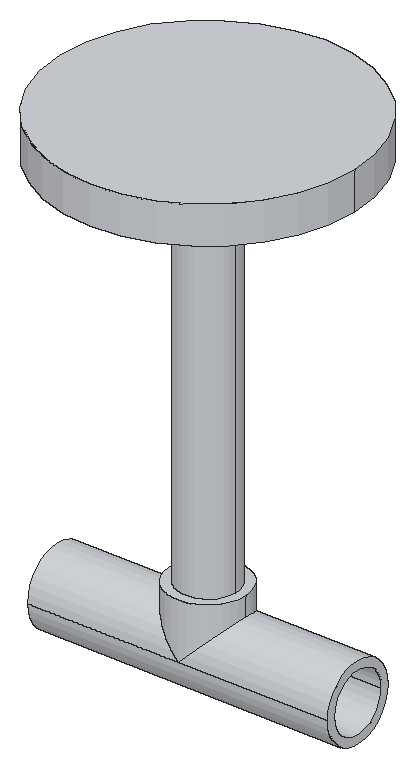
Revit family "M_Válvula de esfera - 10-50 mm - Rosqueada", category Acessórios do tubo, Revit 2019
Family settings
  Cota do conector redondo = Usar raio
  Tipo de parte = Válvula - Quebra entre
  Número OmniClass = 23.65.55.14.17
  Título OmniClass = Adjusting/Controlling Valves for Liquid Services
  ID de item do Seek = Globe Valve - 10-50 mm - Threaded-0000-CAN-ENU
  Com base no plano de trabalho = Não
  Sempre na vertical = Sim
  Corte com vazios quando carregada = Não
  Compartilhado = Não
Parameters (values of type "10 mm")
  Material da válvula = none
  Raio do tronco = 4.8 mm
  Diâmetro do tronco = Raio do tronco * 2  # 9.6 mm
  Raio da tubulação = 6.4 mm
  Comprimento da tubulação = 51 mm
  Diâmetro da tubulação = Raio da tubulação * 2  # 12.8 mm
  Altura total = 81 mm
  Raio nominal = 5 mm
  Diâmetro nominal = Raio nominal * 2  # 10 mm
  K Coefficient = 20
  Espessura da manivela = 6.4 mm
  Raio da manivela = 25 mm
  Material da manivela = none
  Diâmetro da manivela = Raio da manivela * 2  # 50 mm
  Comprimento de meia tubulação = Comprimento da tubulação * 0.5  # 25.5 mm
  Raio da chapeleta = 6.4 mm
  Altura da chapeleta = 9.5 mm
  Diâmetro da chapeleta = Raio da chapeleta * 2  # 12.8 mm
Types (8, lengths in mm): name | Raio do tronco | Diâmetro do tronco | Raio da tubulação | Comprimento da tubulação | Diâmetro da tubulação | Altura total | Raio nominal | Diâmetro nominal | K Coefficient | Espessura da manivela | Raio da manivela | Diâmetro da manivela | Comprimento de meia tubulação | Raio da chapeleta | Altura da chapeleta | Diâmetro da chapeleta
  (no name) | 4.8 | 9.6 | 6.4 | 51 | 12.8 | 81 | 5 | 10 | 20 | 6.4 | 25 | 50 | 25.5 | 6.4 | 9.5 | 12.8
  25 mm | 6.4 | 12.8 | 16 | 94 | 32 | 111 | 12.5 | 25 | 9 | 9.5 | 35 | 70 | 47 | 16 | 24 | 32
  15 mm | 5.6 | 11.2 | 7.9 | 60 | 15.8 | 95 | 7.5 | 15 | 14 | 7.9 | 31 | 62 | 30 | 7.9 | 13 | 15.8
  40 mm | 8.7 | 17.4 | 24 | 121 | 48 | 143 | 20 | 40 | 8 | 11 | 45 | 90 | 60.5 | 24 | 35 | 48
  32 mm | 7.1 | 14.2 | 20 | 106 | 40 | 130 | 16 | 32 | 8.5 | 9.5 | 40 | 80 | 53 | 20 | 30 | 40
  50 mm | 9.5 | 19 | 32 | 151 | 64 | 170 | 25 | 50 | 7 | 13 | 51 | 102 | 75.5 | 32 | 48 | 64
  10 mm | 4.8 | 9.6 | 6.4 | 51 | 12.8 | 81 | 5 | 10 | 20 | 6.4 | 25 | 50 | 25.5 | 6.4 | 9.5 | 12.8
  20 mm | 6.4 | 12.8 | 12 | 81 | 24 | 102 | 10 | 20 | 10 | 7.9 | 32 | 64 | 40.5 | 12 | 19 | 24
Reference planes
  plane 1 "Centro (Frente/Trás)": y = 0
  plane 2: z = 0
  plane 3 "Centro (Esquerda/Direita)": x = 0
  plane 4: x = -25.5
  plane 5: x = 25.5
  plane 6: z = 9.5
  plane 7: z = 81
  plane 8: z = 74.6
  plane 9: y = 6.4
  plane 10: y = -6.4
Forms (mm)
  Extrusion 1, solid, material <- "Material da válvula", detail levels fine
    sketch origin (0, 25.35, 0) x (0, 1, 0) y (0, 0, 1)
      loop
        circle (-25.35, 0) r 6.4
    from -25.5 to 25.5
  Extrusion 2, void
    sketch origin (0, 0, 0) x (0, 1, 0) y (0, 0, 1)
      loop
        circle (0, 0) r 5
    from -25.5 to 25.5
  Extrusion 3, solid, material <- "Material da válvula", detail levels fine
    sketch origin (0, 0, 0) x (1, 0, 0) y (0, 1, 0)
      loop
        circle (0, 0) r 6.4
    from 0 to 9.5
  Extrusion 4, solid, material <- "Material da válvula", detail levels fine
    sketch origin (0, 0, 0) x (1, 0, 0) y (0, 1, 0)
      loop
        circle (0, 0) r 4.8
    from 9.5 to 74.6
  Extrusion 5, solid, material <- "Material da manivela", detail levels fine
    sketch origin (0, 0, 0) x (1, 0, 0) y (0, 1, 0)
      loop
        circle (0, 0) r 25
    from 74.6 to 81
Cuts and joins
  Extrusion 2 cuts Extrusion 1
  joined: Extrusion 3, Extrusion 4
Lines and regions (mm)
  model lines, detail levels coarse+medium
    curve 1: circle (0, 0, 0) r 4.8 normal (0, 0, 1)
    curve 2: line (-25.5, 6.4, 0) -> (-25.5, -6.4, 0)
    curve 3: line (25.5, 6.4, 0) -> (25.5, -6.4, 0)
    curve 4: line (-25.5, 6.4, 0) -> (25.5, -6.4, 0)
    curve 5: line (25.5, 6.4, 0) -> (-25.5, -6.4, 0)
Dimensions and locks
  equal spacing: plane 4, plane 3 "Centro (Esquerda/Direita)", plane 5
  "Comprimento de meia tubulação": plane 4 to plane 3 "Centro (Esquerda/Direita)"
  "Altura da chapeleta": plane 6 to plane 2
  "Altura total": plane 7 to plane 2
  "Espessura da manivela": plane 7 to plane 8
  equal spacing: plane 9, plane 1 "Centro (Frente/Trás)", plane 10
  "Raio da tubulação": plane 9 to plane 1 "Centro (Frente/Trás)"
  "Raio da tubulação": radius of Extrusion 1 sketch curve
  "Raio nominal": radius of Extrusion 2 sketch curve
  "Raio da chapeleta": radius of Extrusion 3 sketch curve
  "Raio do tronco": radius of Extrusion 4 sketch curve
  "Raio da manivela": radius of Extrusion 5 sketch curve
  "Raio do tronco": radius of curve 1
  aligned and locked: plane 1 "Centro (Frente/Trás)" to Extrusion 1 sketch curve
  aligned and locked: plane 2 to Extrusion 1 sketch curve
  aligned and locked: Extrusion 1 to plane 4
  aligned and locked: plane 5 to Extrusion 1
  aligned and locked: plane 1 "Centro (Frente/Trás)" to Extrusion 2 sketch curve
  aligned and locked: plane 2 to Extrusion 2 sketch curve
  aligned and locked: Extrusion 2 to plane 4
  aligned and locked: plane 5 to Extrusion 2
  aligned and locked: plane 3 "Centro (Esquerda/Direita)" to Extrusion 3 sketch curve
  aligned and locked: plane 1 "Centro (Frente/Trás)" to Extrusion 3 sketch curve
  aligned and locked: Extrusion 3 to plane 2
  aligned and locked: plane 6 to Extrusion 3
  aligned and locked: plane 3 "Centro (Esquerda/Direita)" to Extrusion 4 sketch curve
  aligned and locked: plane 1 "Centro (Frente/Trás)" to Extrusion 4 sketch curve
  aligned and locked: Extrusion 4 to plane 6
  aligned and locked: plane 8 to Extrusion 4
  aligned and locked: plane 3 "Centro (Esquerda/Direita)" to Extrusion 5 sketch curve
  aligned and locked: plane 1 "Centro (Frente/Trás)" to Extrusion 5 sketch curve
  aligned and locked: plane 7 to Extrusion 5
  aligned and locked: Extrusion 5 to plane 8
  aligned and locked: cut or joined group of Extrusion 1, Extrusion 2 to plane 4
  aligned and locked: plane 5 to cut or joined group of Extrusion 1, Extrusion 2
  aligned and locked: plane 3 "Centro (Esquerda/Direita)" to curve 1
  aligned and locked: plane 1 "Centro (Frente/Trás)" to nested 1
  aligned and locked: plane 10 to cut or joined group of Extrusion 1, Extrusion 2
  aligned and locked: curve 2 to plane 4
  aligned and locked: plane 9 to curve 2
  aligned and locked: plane 9 to curve 3
  aligned and locked: plane 10 to curve 3
  aligned and locked: plane 5 to curve 5
  aligned and locked: plane 5 to curve 4
  aligned and locked: plane 4 to curve 5
  aligned and locked: plane 10 to curve 5
Automatic sketch dimensions
  curve 1 to plane 1 "Centro (Frente/Trás)" = 0 mm
Nested families
  nested 1: "M_Símbolo de válvula" at (0, 0, 0), type "Símbolo da válvula", detail levels coarse+medium
Connectors
  piping at (-25.5, 0, 0), diameter 10, driven by "Raio nominal"
    settings: on cut or joined group of Extrusion 1, Extrusion 2, index 1, connector inside diameter 10 mm, connector length 0 mm, flow factor 0, pipe flow 0.0 L/s, pressure drop 0.0 Pa, fitting loss kfactor 0, connector angle 0.00°, fixture units 0, engagement length 0 mm, angle of deflection 0.00°, flow configuration 0, flow direction 0, fitting loss method 2, system type 29, joint type 0, gender type 0, connector reference index 2, connector utility 0, adjustable connector no, is connector primary yes, connector description ""
  piping at (25.5, 0, 0), diameter 10, driven by "Raio nominal", driven by "K Coefficient"
    settings: on cut or joined group of Extrusion 1, Extrusion 2, index 2, connector inside diameter 10 mm, connector length 0 mm, flow factor 0, pipe flow 0.0 L/s, pressure drop 0.0 Pa, fitting loss kfactor 20, connector angle 0.00°, fixture units 0, engagement length 0 mm, angle of deflection 0.00°, flow configuration 0, flow direction 0, fitting loss method 2, system type 29, joint type 0, gender type 0, connector reference index 1, connector utility 0, adjustable connector no, is connector primary no, connector description ""
Definition of nested family "M_Símbolo de válvula"
  Parameters
    Raio = 4.8 mm
    Assembly Code = ""
  Reference planes
    plane 1 "Centro (Frente/Trás)": y = 0
    plane 2: z = 0
    plane 3 "Centro (Esquerda/Direita)": x = 0
  Lines and regions (mm)
    Filled region 1, type "Preenchimento sólido - Preto", in view "Nível de referência"
      outline origin (0, 0, 0) x (1, 0, 0) y (0, 1, 0)
        loop
          circle (0, 0) r 4.8
  Dimensions and locks
    "Raio": radius of Filled region 1 sketch curve
  Automatic sketch dimensions
    Filled region 1 sketch curve to plane 1 "Centro (Frente/Trás)" = 0 mm
    Filled region 1 sketch curve to plane 3 "Centro (Esquerda/Direita)" = 0 mm
